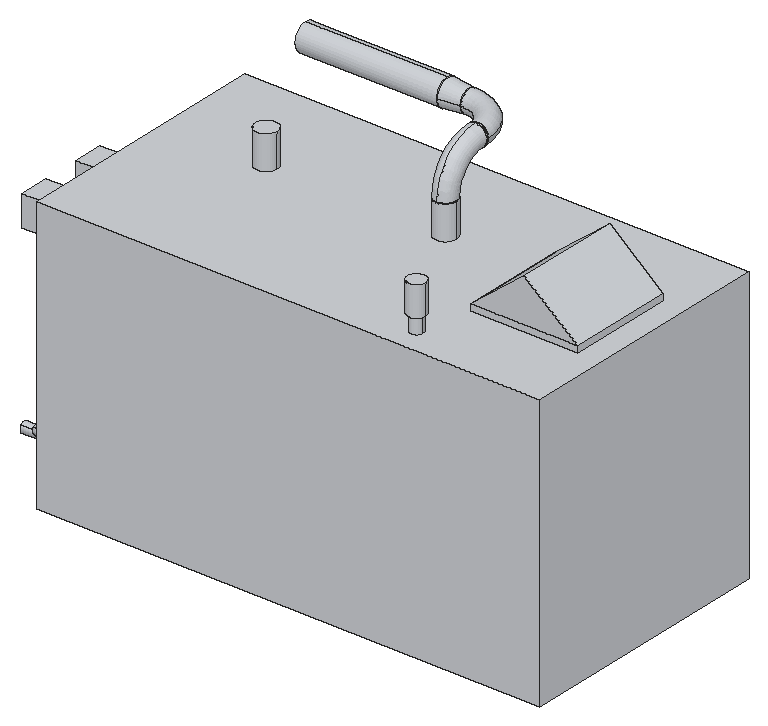
Revit family "AMP_BFIT 1500 Water Heater 1", category Mechanical Equipment, Revit 2021
Family settings
  Round Connector Dimension = Use Diameter
  Part Type = Normal
  OmniClass Number = 23.75.00.00
  OmniClass Title = Climate Control (HVAC)
  Work Plane-Based = No
  Always vertical = Yes
  Cut with Voids When Loaded = No
  Shared = No
  Room Calculation Point = No
Parameters (values of type "AMP/BFIT 1500 Water Heater")
  Width = 34 1/4"
  Length = 66 1/8"
  Height = 36 1/8"
  Voltage = ""
  Vent = "8\" EZ Vent"
  Manufacturer = "Bryan Steam"  # constant formula
  Hydronic Supply = "3\" Victaulic"
  Hydronic Return = "2-1/2\" Victaulic"
  Gas Train = "1-1/4\" NPT"
  Default Elevation = 0"
  Condensate Trap = "1\" Pipe"
  Boiler Drain = "3/4\" NPT"
  Air Supply = "8\""
Reference planes (in)
  plane 1 "Center (Front/Back)": y = 0
  plane 2: z = 0
  plane 3 "Center (Left/Right)": x = 0
  plane 4 "Vent": y = 3.75
  plane 5 "Condensate Trap": y = -12
  plane 6 "Supply 2.5" Victualic Elbow Style 10": x = 3.9725
  plane 7 "3" Supply Manifold": z = 45.625
  plane 8 "3" Supply Elbow Victaulic Style 10": y = 14
  plane 9 "Condensate Height": z = 5.75
  plane 10 "Condensate Angle": through (0, -12, 5.75) normal (0, -0.6203, -0.7843)
Forms (in)
  Extrusion 1, solid
    sketch origin (0, 0, 0) x (1, 0, 0) y (0, 1, 0)
      loop
        line (-33.0625, 17.125) -> (-33.0625, -17.125) -> (33.0625, -17.125) -> (33.0625, 17.125) -> (-33.0625, 17.125)
    from 0 to 36.125
  Extrusion 2, solid
    sketch origin (0, 0, 36.125) x (1, 0, 0) y (0, 1, 0)
      loop
        line (15.9665, 6.875) -> (15.9665, -7.125) -> (30.0625, -7.125) -> (30.0625, 6.875) -> (15.9665, 6.875)
    from 0 to 0.85156
  Extrusion 3, solid
    sketch origin (30.0625, -7.125, 36.125) x (-1, 0, 0) y (0, 0, -1)
      loop
        line (14.096, -0.85156) -> (0, -0.85156) -> (7.048, -6.57727) -> (14.096, -0.85156)
    from 0 to -14
  Extrusion 4, solid
    sketch origin (0, 0, 36.125) x (1, 0, 0) y (0, 1, 0)
      loop
        circle (-19.5625, 3.75) r 1.4375
      loop
        circle (3.9725, 3.75) r 1.4375
    from 0 to 4.375
  Extrusion 5, solid
    sketch origin (-33.0625, -17.125, 0) x (0, 1, 0) y (0, 0, -1)
      loop
        circle (28.125, -11.125) r 3.9375
      loop
        circle (28.125, -11.125) r 3.71875
    from 0 to 6.25
  Sweep 6, solid
    path origin (3.9725, 0, 0) x (0, 1, 0) y (0, 0, 1)
      loop
        line (3.75, 40.5) -> (3.75, 40.625)
        arc (3.75, 40.625) -> (5.21447, 44.16053) -> (8.75, 45.625) r 5
        line (8.75, 45.625) -> (8.87786, 45.625)
    profile origin (3.9725, 3.75, 40.5625) x (0, -1, 0) y (1, 0, 0)
      loop
        circle (0, 0) r 1.41931
  Sweep 7, solid
    path origin (0, 0, 45.625) x (1, 0, 0) y (0, 1, 0)
      loop
        line (3.9725, 8.87786) -> (3.9725, 9.00286)
        arc (3.9725, 9.00286) -> (2.50803, 12.53839) -> (-1.0275, 14.00286) r 5
        line (-1.0275, 14.00286) -> (-1.1525, 14.00286)
    profile origin (3.9725, 8.94036, 45.625) x (-1, 0, 0) y (0, 0, 1)
      loop
        circle (0, 0) r 1.42969
  SweptBlend 8, solid
    path origin (0, 0, 45.625) x (1, 0, 0) y (0, 1, 0)
      loop
        line (-1.1525, 12.75286) -> (-3.9525, 12.75286)
    profile origin (-1.1525, 12.75286, 45.625) x (0, -1, 0) y (0, 0, 1)
      loop
        circle (-1.24714, 0) r 1.42969
    end profile origin (-3.9525, 12.75286, 45.625) x (0, -1, 0) y (0, 0, 1)
      loop
        circle (-1.24714, 0) r 1.75
  Extrusion 9, solid
    sketch origin (-3.9525, 14, 45.625) x (0, 0, -1) y (0, -1, 0)
      loop
        circle (0, -0.00256) r 1.75249
    from 0 to 18.60938
  Extrusion 10, solid
    sketch origin (-33.0625, -17.125, 0) x (0, 1, 0) y (0, 0, -1)
      loop
        line (13.595, -35.9375) -> (13.595, -31.9375) -> (9.595, -31.9375) -> (9.595, -35.9375) -> (13.595, -35.9375)
      loop
        line (4.72, -35.937) -> (4.72, -31.937) -> (0.72, -31.937) -> (0.72, -35.937) -> (4.72, -35.937)
    from 0 to 2.48047
  Revolve 11, solid
    sketch origin (0, 3.75, 0) x (-1, 0, 0) y (0, 0, 1)
      loop
        line (39.4375, 25.375) -> (39.22711, 29.38949) -> (31.98705, 29.01006) -> (32.19744, 24.99556) -> (39.4375, 25.375)
      axis (32.19744, 24.99556) -> (39.4375, 25.375)
    angle from 0 to 360
  Extrusion 12, solid
    sketch origin (-33.0625, -17.125, 0) x (0, 1, 0) y (0, 0, -1)
      loop
        circle (20.875, -32.125) r 0.525
    from 0 to 1.125
  Extrusion 13, solid
    sketch origin (0, 0, 36.125) x (1, 0, 0) y (0, 1, 0)
      loop
        circle (14.1875, -13.75) r 0.83
    from 0 to 2.125
  Extrusion 14, solid
    sketch origin (0, 0, 38.25) x (1, 0, 0) y (0, 1, 0)
      loop
        circle (14.1875, -13.75) r 1.1875
    from 0 to 3.875
  Extrusion 15, solid
    sketch origin (-34.1875, -17.125, 0) x (0, 1, 0) y (0, 0, -1)
      loop
        circle (20.875, -32.125) r 0.75
    from 0 to 2.375
  Sweep 16, solid
    path origin (0, -4.24946, -0.3798) x (0, -0.784343, 0.620327) y (-1, 0, 0)
      loop
        line (9.88246, 33.0625) -> (9.88246, 36)
        arc (9.88246, 36) -> (9.44312, 37.06066) -> (8.38246, 37.5) r 1.5
        line (8.38246, 37.5) -> (5.50746, 37.5)
        arc (5.50746, 37.5) -> (4.4468, 37.93934) -> (4.00746, 39) r 1.5
        line (4.00746, 39) -> (4.00746, 42.4375)
    profile origin (-34.53125, -12.00071, 5.75056) x (0, 0.784343, -0.620327) y (0, -0.620327, -0.784343)
      loop
        circle (0, 0) r 0.6575
  Extrusion 17, solid
    sketch origin (-33.0625, -17.125, 0) x (0, 1, 0) y (0, 0, -1)
      loop
        line (33.9375, -16.9375) -> (33.9375, -5.3125) -> (22.3125, -5.3125) -> (22.3125, -16.9375) -> (33.9375, -16.9375)
    from 0 to 4.625
Dimensions and locks (in)
  "Height": Extrusion 1 to level
  equal spacing: Extrusion 1 sketch curve, plane 3 "Center (Left/Right)", Extrusion 1 sketch curve
  "Length": Extrusion 1 sketch curve to Extrusion 1 sketch curve
  equal spacing: Extrusion 1 sketch curve, plane 1 "Center (Front/Back)", Extrusion 1 sketch curve
  "Width": Extrusion 1 sketch curve to Extrusion 1 sketch curve
  Extrusion 2 sketch curve to Extrusion 1 = 3"
  locked: Extrusion 2 sketch curve to Extrusion 2 sketch curve at 14.096
  locked: Extrusion 2 sketch curve to Extrusion 2 sketch curve at 14
  locked: Extrusion 2 sketch curve to Extrusion 1 at 10
  locked: Extrusion 1 to Extrusion 4 sketch curve at 13.375  (x2)
  equal spacing: Extrusion 1, Extrusion 4 sketch curve, Extrusion 4 sketch curve
  Extrusion 4 sketch curve to Extrusion 4 sketch curve = 23.535"
  locked: Extrusion 1 to Extrusion 5 sketch curve at 11.125  (x2)
  locked: Extrusion 1 to Extrusion 5 sketch curve at 6.125
  level to plane 7 "3" Supply Manifold" = 45 5/8"
  locked: Sweep 7 sketch curve to Sweep 7 sketch curve at 5.125
  locked: SweptBlend 8 sketch curve to SweptBlend 8 sketch curve at 2.8
  SweptBlend 8 sketch curve to Sweep 7 = 0"
  plane 3 "Center (Left/Right)" to plane 6 "Supply 2.5" Victualic Elbow Style 10" = 3.9725"
  locked: plane 8 "3" Supply Elbow Victaulic Style 10" to plane 1 "Center (Front/Back)" at 14
  locked: plane 4 "Vent" to plane 1 "Center (Front/Back)" at 3.75
  locked: plane 5 "Condensate Trap" to plane 1 "Center (Front/Back)" at 12
  locked: Extrusion 10 sketch curve to Extrusion 10 sketch curve at 4  (x4)
  locked: Revolve 11 sketch curve to Revolve 11 sketch curve at 4.02
  Extrusion 1 to Extrusion 12 sketch curve = 32 1/8"
  Extrusion 1 to Extrusion 12 sketch curve = 13 3/8"
  locked: Extrusion 1 to Extrusion 13 sketch curve at 3.375
  locked: Extrusion 13 sketch curve to Extrusion 1 at 18.875
  locked: Extrusion 1 to Extrusion 14 sketch curve at 3.375
  locked: Extrusion 14 sketch curve to Extrusion 1 at 18.875
  locked: Extrusion 1 to Extrusion 15 sketch curve at 4
  locked: Extrusion 1 to Extrusion 15 sketch curve at 13.375
  locked: Extrusion 1 to SweptBlend 8 sketch curve at 3.125  (x2)
  locked: SweptBlend 8 sketch curve to Extrusion 1 at 9.5  (x2)
  Sweep 7 sketch curve to Sweep 7 sketch curve = 5 1/8"
  locked: Sweep 6 sketch curve to Sweep 6 sketch curve at 0.125
  locked: Sweep 6 sketch curve to Extrusion 4 at 0.125
  locked: Sweep 6 sketch curve to Extrusion 1 at 8.375
  locked: plane 9 "Condensate Height" to level at 5.75
  locked: Sweep 16 sketch curve to Extrusion 1 at 4.4375
  locked: Sweep 16 sketch curve to Extrusion 1 at 9.375
  locked: Sweep 16 sketch curve to Sweep 16 sketch curve at 5.875
  locked: Extrusion 1 to Extrusion 17 sketch curve at 0.3125
  locked: Extrusion 17 sketch curve to Extrusion 17 sketch curve at 11.625  (x2)
  locked: Extrusion 17 sketch curve to Extrusion 1 at 5.3125
  diameter of Extrusion 5 sketch curve = 7 7/16"
  diameter of Extrusion 5 sketch curve = 7 7/8"
  diameter of Extrusion 13 sketch curve = 1.66"
  diameter of Extrusion 14 sketch curve = 2 3/8"
  diameter of Extrusion 15 sketch curve = 1 1/2"
  diameter of SweptBlend 8 sketch curve = 2 55/64"
  diameter of SweptBlend 8 sketch curve = 3 1/2"
  diameter of Sweep 7 sketch curve = 10"
  diameter of Sweep 6 sketch curve = 10"
  diameter of Sweep 16 sketch curve = 1.315"
  locked: plane 9 "Condensate Height" to plane 10 "Condensate Angle" (angle 38.34°)
  aligned and locked: level to plane 2
Automatic sketch dimensions
  Extrusion 3 sketch curve to Extrusion 2 = 0"  (x3)
  Extrusion 3 sketch curve to Extrusion 2 = 7.048"
  Extrusion 3 sketch curve to Extrusion 2 = 5.72571"
  Extrusion 5 sketch curve to Extrusion 5 sketch curve = 0"
  Sweep 6 sketch curve to plane 6 "Supply 2.5" Victualic Elbow Style 10" = 0"
  Sweep 6 sketch curve to profile plane = 0"
  Sweep 7 sketch curve to plane 7 "3" Supply Manifold" = 0"
  Sweep 7 sketch curve to profile plane = 0"
  plane 4 "Vent" to SweptBlend 8 sketch curve = 9.00286"
  Revolve 11 sketch curve to Revolve 11 sketch curve = 0.37944"
  Revolve 11 sketch curve to Revolve 11 sketch curve = 0"  (x2)
  Extrusion 4 sketch curve to Extrusion 1 = 13 1/2"
  Extrusion 1 to Extrusion 10 sketch curve = 0.188"
  Extrusion 10 sketch curve to Extrusion 1 = 0.72"
  Extrusion 1 to Extrusion 10 sketch curve = 3/16"
  Extrusion 10 sketch curve to Extrusion 10 sketch curve = 4 7/8"
  Revolve 11 sketch curve to plane 3 "Center (Left/Right)" = 31.98705"
  Revolve 11 sketch curve to plane 7 "3" Supply Manifold" = 20.62944"
  Revolve 11 sketch curve to Revolve 11 sketch curve = 0.21039"
  Revolve 11 sketch curve to plane 7 "3" Supply Manifold" = 21.07429"
  Sweep 7 sketch curve to plane 6 "Supply 2.5" Victualic Elbow Style 10" = 0"
  plane 8 "3" Supply Elbow Victaulic Style 10" to Sweep 7 sketch curve = 0.00286"
  Sweep 6 sketch curve to Sweep 6 sketch curve = 0.12786"
  Sweep 16 sketch curve to plane 3 "Center (Left/Right)" = 39"
  Sweep 16 sketch curve to Sweep 16 sketch curve = 2 7/8"
  Sweep 16 sketch curve to Sweep 16 sketch curve = 2 15/16"
  plane 10 "Condensate Angle" to Sweep 16 sketch curve = 0"
  Sweep 16 sketch curve to profile plane = 0"
  radius of Sweep 6 sketch curve = 1.41931"
  radius of Sweep 7 sketch curve = 1 55/128"
  radius of Extrusion 9 sketch curve = 1.75249"
  radius of Extrusion 4 sketch curve = 1 7/16"  (x2)
  radius of Extrusion 12 sketch curve = 0.525"
Connectors (in)
  piping at (-19.5625, 3.75, 40.5), diameter 2.5
    settings: on Extrusion 4, index 2, connector inside diameter 24", connector length 0", flow factor 0, pipe flow 0 GPM, pressure drop 0.00 psi, fitting loss kfactor 0, connector angle 0.00°, fixture units 0, engagement length 0", angle of deflection 0.00°, flow configuration 0, flow direction 1, fitting loss method 0, system type 8, joint type 0, gender type 0, connector reference index -1, connector utility 0, adjustable connector no, is connector primary yes, connector description ""
  piping at (-39.3125, 11, 11.125), diameter 8
    settings: on Extrusion 5, index 4, connector inside diameter 24", connector length 0", flow factor 0, pipe flow 0 GPM, pressure drop 0.00 psi, fitting loss kfactor 0, connector angle 0.00°, fixture units 0, engagement length 0", angle of deflection 0.00°, flow configuration 0, flow direction 1, fitting loss method 0, system type 22, joint type 0, gender type 0, connector reference index -1, connector utility 0, adjustable connector no, is connector primary no, connector description ""
  piping at (-39.4375, 3.75, 25.375), diameter 8
    settings: on Revolve 11, index 5, connector inside diameter 24", connector length 0", flow factor 0, pipe flow 0 GPM, pressure drop 0.00 psi, fitting loss kfactor 0, connector angle 0.00°, fixture units 0, engagement length 0", angle of deflection 0.00°, flow configuration 0, flow direction 2, fitting loss method 0, system type 17, joint type 0, gender type 0, connector reference index -1, connector utility 0, adjustable connector no, is connector primary no, connector description ""
  piping at (-22.56187, 14.00256, 45.625), diameter 3
    settings: on Extrusion 9, index 8, connector inside diameter 24", connector length 0", flow factor 0, pipe flow 0 GPM, pressure drop 0.00 psi, fitting loss kfactor 0, connector angle 0.00°, fixture units 0, engagement length 0", angle of deflection 0.00°, flow configuration 0, flow direction 2, fitting loss method 0, system type 7, joint type 0, gender type 0, connector reference index -1, connector utility 0, adjustable connector no, is connector primary no, connector description ""
  piping at (14.1875, -13.75, 42.125), diameter 1.25
    settings: on Extrusion 14, index 10, connector inside diameter 24", connector length 0", flow factor 0, pipe flow 0 GPM, pressure drop 0.00 psi, fitting loss kfactor 0, connector angle 0.00°, fixture units 0, engagement length 0", angle of deflection 0.00°, flow configuration 0, flow direction 1, fitting loss method 0, system type 22, joint type 0, gender type 0, connector reference index -1, connector utility 0, adjustable connector no, is connector primary no, connector description ""
  piping at (-36.5625, 3.75, 32.125), diameter 0.75
    settings: on Extrusion 15, index 11, connector inside diameter 24", connector length 0", flow factor 0, pipe flow 0 GPM, pressure drop 0.00 psi, fitting loss kfactor 0, connector angle 0.00°, fixture units 0, engagement length 0", angle of deflection 0.00°, flow configuration 0, flow direction 2, fitting loss method 0, system type 22, joint type 0, gender type 0, connector reference index -1, connector utility 0, adjustable connector no, is connector primary no, connector description ""
  piping at (-42.4375, -7.39269, 2.10614), diameter 1
    settings: on Sweep 16, index 12, connector inside diameter 24", connector length 0", flow factor 0, pipe flow 0 GPM, pressure drop 0.00 psi, fitting loss kfactor 0, connector angle 0.00°, fixture units 0, engagement length 0", angle of deflection 0.00°, flow configuration 0, flow direction 2, fitting loss method 0, system type 22, joint type 0, gender type 0, connector reference index -1, connector utility 0, adjustable connector no, is connector primary no, connector description ""
